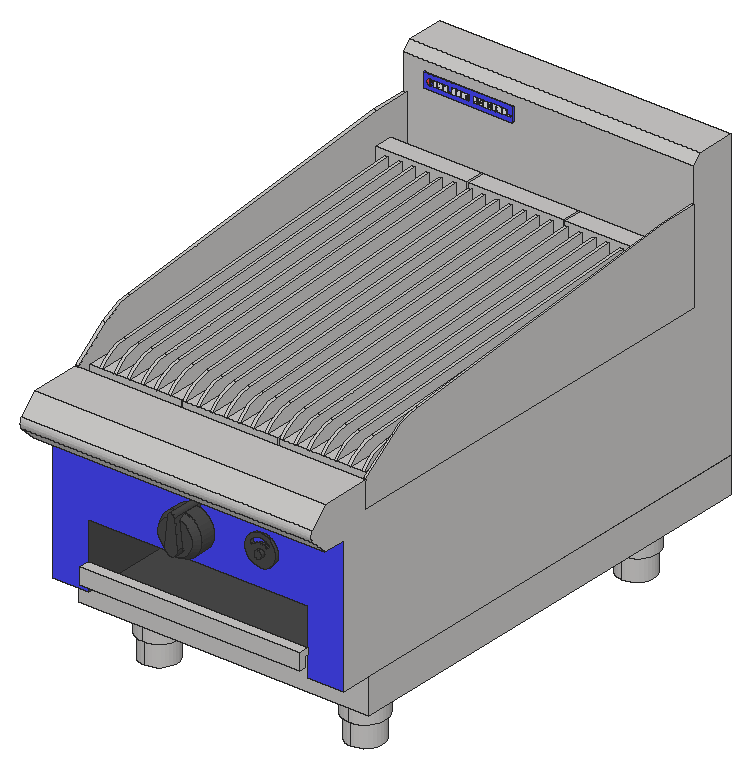
Revit family "QF_MOFFAT_BLUESEAL_AU_G593-B", category Specialty Equipment, Revit 2012
Parameters
  Weight in Pounds = 217  # constant formula
  URL Cutsheet = "www.moffat.com"
  URL = "www.moffat.com"
  Type Mark [instance] = ""
  Status [instance] = ""
  Specification by User [instance] = ""
  Specification by Manufacturer = ""
  Show Logo [instance] = yes
  Show Casters [instance] = yes
  Serial Number = ""
  Seismic Rating = ""
  SMACNA No = ""
  Revision Code [instance] = ""
  Omniclass Number and Title = ""
  NAFEM Spec ID Number = ""
  Model = "G593-B"
  Mechanical Remarks [instance] = ""
  Mechanical Connection Type [instance] = ""
  Masterspec = ""
  Manufacturer = "MOFFAT BLUESEAL"
  Legs [instance] = not(Show Casters)  # no
  Item Number [instance] = ""
  Installed By [instance] = ""
  Identify Quantity as Lot [instance] = yes
  Gas Size = 3/4"
  Gas RI Height [instance] = 0 mm
  Gas KW [instance] = 14
  Gas Input [instance] = 45495.0 Btu/h
  Gas Connection Height = 0 mm
  Furnished By [instance] = ""
  Foodservice Equipment Identifier [instance] = yes
  Description = "450MM GAS CHARGRILL BENCH MOUNT"
  CSI MasterFormat = ""
  CSI Master Format = ""
  Body Finish = QF_Finishes_Stainless Steel
Reference planes
  plane 1 "BACK": y = 0
  plane 2: z = 0
  plane 3 "LEFT": x = 0
  plane 4 "RIGHT": x = 450
  plane 5 "FRONT": y = -812
  plane 6 "TOP": z = 972
  plane 7 "Center Y": x = 225
  plane 8 "Center X": y = -406
  plane 9: y = -100
  plane 10: y = -625
  plane 11: z = 585
  plane 12: x = 65.5
  plane 13: x = 384.5
Forms (mm)
  Extrusion 1, solid, material "QF_Finishes_Stainless Steel" <- "Body Finish"
    sketch origin (0, 0, -500) x (0, 1, 0) y (0, 0, 1)
      loop
        line (0, 640) -> (0, 1085) -> (-57.5, 1085) -> (-70, 1072.5) -> (-70, 875) -> (-705, 875) -> (-705, 915) -> (-783.97, 915) -> (-808.485, 890.485)
        arc (-808.485, 890.485) -> (-811.999, 882) -> (-808.485, 873.515) r 12
        line (-808.485, 873.515) -> (-784.97, 850) -> (-749, 850) -> (-749, 640) -> (0, 640)
      loop
        line (0, 585) -> (0, 639.206) -> (-699, 639.206) -> (-699, 585) -> (0, 585)
    from 0 to 450
  Extrusion 2, solid, material "QF_Finishes_Stainless Steel" <- "Body Finish"
    sketch origin (0, 0, -342.612) x (0, 1, 0) y (0, 0, 1)
      loop
        line (-70, 717) -> (-70, 860.112) -> (-127.045, 860.112) -> (-604.53, 814.135)
        arc (-604.53, 814.135) -> (-629.557, 808.415) -> (-652.303, 796.511) r 100
        line (-652.303, 796.511) -> (-705, 759.612) -> (-705, 717) -> (-70, 717)
    from 0 to 4.5
  Extrusion 3, solid, material "QF_Finishes_Stainless Steel" <- "Body Finish"
    sketch origin (450, 0, 0) x (0, -1, 0) y (0, 0, 1)
      loop
        line (70, 374.388) -> (705, 374.388) -> (705, 417) -> (652.303, 453.899)
        arc (652.303, 453.899) -> (629.557, 465.803) -> (604.53, 471.523) r 100
        line (604.53, 471.523) -> (127.045, 517.5) -> (70, 517.5) -> (70, 374.388)
    from 0 to 3
  Extrusion 4, solid, material "QF_Finishes_Stainless Steel"
    sketch origin (276, 0, -342) x (0, 1, 0) y (0, 0, 1)
      loop
        line (-132, 752.364) -> (-132, 804.849) -> (-637.852, 774.53)
        arc (-637.852, 774.53) -> (-663.098, 767.97) -> (-684, 752.364) r 67.81
        line (-684, 752.364) -> (-132, 752.364)
    from 0 to 4.5
  Extrusion 5, solid, material "QF_Finishes_Stainless Steel"
    sketch origin (255, 0, -342) x (0, 1, 0) y (0, 0, 1)
      loop
        line (-132, 752.364) -> (-132, 804.849) -> (-637.852, 774.53)
        arc (-637.852, 774.53) -> (-663.098, 767.97) -> (-684, 752.364) r 67.81
        line (-684, 752.364) -> (-132, 752.364)
    from 0 to 4.5
  Extrusion 6, solid, material "QF_Finishes_Stainless Steel"
    sketch origin (234, 0, -342) x (0, 1, 0) y (0, 0, 1)
      loop
        line (-132, 752.364) -> (-132, 804.849) -> (-637.852, 774.53)
        arc (-637.852, 774.53) -> (-663.098, 767.97) -> (-684, 752.364) r 67.81
        line (-684, 752.364) -> (-132, 752.364)
    from 0 to 4.5
  Extrusion 7, solid, material "QF_Finishes_Stainless Steel"
    sketch origin (213, 0, -342) x (0, 1, 0) y (0, 0, 1)
      loop
        line (-132, 752.364) -> (-132, 804.849) -> (-637.852, 774.53)
        arc (-637.852, 774.53) -> (-663.098, 767.97) -> (-684, 752.364) r 67.81
        line (-684, 752.364) -> (-132, 752.364)
    from 0 to 4.5
  Extrusion 8, solid, material "QF_Finishes_Stainless Steel"
    sketch origin (192, 0, -342) x (0, 1, 0) y (0, 0, 1)
      loop
        line (-132, 752.364) -> (-132, 804.849) -> (-637.852, 774.53)
        arc (-637.852, 774.53) -> (-663.098, 767.97) -> (-684, 752.364) r 67.81
        line (-684, 752.364) -> (-132, 752.364)
    from 0 to 4.5
  Extrusion 9, solid, material "QF_Finishes_Stainless Steel"
    sketch origin (171, 0, -342) x (0, 1, 0) y (0, 0, 1)
      loop
        line (-132, 752.364) -> (-132, 804.849) -> (-637.852, 774.53)
        arc (-637.852, 774.53) -> (-663.098, 767.97) -> (-684, 752.364) r 67.81
        line (-684, 752.364) -> (-132, 752.364)
    from 0 to 4.5
  Extrusion 10, solid, material "QF_Finishes_Stainless Steel"
    sketch origin (150, 0, -342) x (0, 1, 0) y (0, 0, 1)
      loop
        line (-132, 752.364) -> (-132, 804.849) -> (-637.852, 774.53)
        arc (-637.852, 774.53) -> (-663.098, 767.97) -> (-684, 752.364) r 67.81
        line (-684, 752.364) -> (-132, 752.364)
    from 0 to 4.5
  Extrusion 11, solid, material "QF_Finishes_Stainless Steel"
    sketch origin (126, 0, -342) x (0, 1, 0) y (0, 0, 1)
      loop
        line (-132, 752.364) -> (-132, 804.849) -> (-637.852, 774.53)
        arc (-637.852, 774.53) -> (-663.098, 767.97) -> (-684, 752.364) r 67.81
        line (-684, 752.364) -> (-132, 752.364)
    from 0 to 4.5
  Extrusion 12, solid, material "QF_Finishes_Stainless Steel"
    sketch origin (105, 0, -342) x (0, 1, 0) y (0, 0, 1)
      loop
        line (-132, 752.364) -> (-132, 804.849) -> (-637.852, 774.53)
        arc (-637.852, 774.53) -> (-663.098, 767.97) -> (-684, 752.364) r 67.81
        line (-684, 752.364) -> (-132, 752.364)
    from 0 to 4.5
  Extrusion 13, solid, material "QF_Finishes_Stainless Steel"
    sketch origin (84, 0, -342) x (0, 1, 0) y (0, 0, 1)
      loop
        line (-132, 752.364) -> (-132, 804.849) -> (-637.852, 774.53)
        arc (-637.852, 774.53) -> (-663.098, 767.97) -> (-684, 752.364) r 67.81
        line (-684, 752.364) -> (-132, 752.364)
    from 0 to 4.5
  Extrusion 14, solid, material "QF_Finishes_Stainless Steel"
    sketch origin (63, 0, -342) x (0, 1, 0) y (0, 0, 1)
      loop
        line (-132, 752.364) -> (-132, 804.849) -> (-637.852, 774.53)
        arc (-637.852, 774.53) -> (-663.098, 767.97) -> (-684, 752.364) r 67.81
        line (-684, 752.364) -> (-132, 752.364)
    from 0 to 4.5
  Extrusion 15, solid, material "QF_Finishes_Stainless Steel"
    sketch origin (42, 0, -342) x (0, 1, 0) y (0, 0, 1)
      loop
        line (-132, 752.364) -> (-132, 804.849) -> (-637.852, 774.53)
        arc (-637.852, 774.53) -> (-663.098, 767.97) -> (-684, 752.364) r 67.81
        line (-684, 752.364) -> (-132, 752.364)
    from 0 to 4.5
  Extrusion 16, solid, material "QF_Finishes_Stainless Steel"
    sketch origin (21, 0, -342) x (0, 1, 0) y (0, 0, 1)
      loop
        line (-132, 752.364) -> (-132, 804.849) -> (-637.852, 774.53)
        arc (-637.852, 774.53) -> (-663.098, 767.97) -> (-684, 752.364) r 67.81
        line (-684, 752.364) -> (-132, 752.364)
    from 0 to 4.5
  Extrusion 17, solid, material "QF_Finishes_Stainless Steel"
    sketch origin (426, 0, -342) x (0, 1, 0) y (0, 0, 1)
      loop
        line (-132, 752.364) -> (-132, 804.849) -> (-637.852, 774.53)
        arc (-637.852, 774.53) -> (-663.098, 767.97) -> (-684, 752.364) r 67.81
        line (-684, 752.364) -> (-132, 752.364)
    from 0 to 4.5
  Extrusion 18, solid, material "QF_Finishes_Stainless Steel"
    sketch origin (405, 0, -342) x (0, 1, 0) y (0, 0, 1)
      loop
        line (-132, 752.364) -> (-132, 804.849) -> (-637.852, 774.53)
        arc (-637.852, 774.53) -> (-663.098, 767.97) -> (-684, 752.364) r 67.81
        line (-684, 752.364) -> (-132, 752.364)
    from 0 to 4.5
  Extrusion 19, solid, material "QF_Finishes_Stainless Steel"
    sketch origin (384, 0, -342) x (0, 1, 0) y (0, 0, 1)
      loop
        line (-132, 752.364) -> (-132, 804.849) -> (-637.852, 774.53)
        arc (-637.852, 774.53) -> (-663.098, 767.97) -> (-684, 752.364) r 67.81
        line (-684, 752.364) -> (-132, 752.364)
    from 0 to 4.5
  Extrusion 20, solid, material "QF_Finishes_Stainless Steel"
    sketch origin (363, 0, -342) x (0, 1, 0) y (0, 0, 1)
      loop
        line (-132, 752.364) -> (-132, 804.849) -> (-637.852, 774.53)
        arc (-637.852, 774.53) -> (-663.098, 767.97) -> (-684, 752.364) r 67.81
        line (-684, 752.364) -> (-132, 752.364)
    from 0 to 4.5
  Extrusion 21, solid, material "QF_Finishes_Stainless Steel"
    sketch origin (342, 0, -342) x (0, 1, 0) y (0, 0, 1)
      loop
        line (-132, 752.364) -> (-132, 804.849) -> (-637.852, 774.53)
        arc (-637.852, 774.53) -> (-663.098, 767.97) -> (-684, 752.364) r 67.81
        line (-684, 752.364) -> (-132, 752.364)
    from 0 to 4.5
  Extrusion 22, solid, material "QF_Finishes_Stainless Steel"
    sketch origin (321, 0, -342) x (0, 1, 0) y (0, 0, 1)
      loop
        line (-132, 752.364) -> (-132, 804.849) -> (-637.852, 774.53)
        arc (-637.852, 774.53) -> (-663.098, 767.97) -> (-684, 752.364) r 67.81
        line (-684, 752.364) -> (-132, 752.364)
    from 0 to 4.5
  Extrusion 23, solid, material "QF_Finishes_Stainless Steel"
    sketch origin (300, 0, -342) x (0, 1, 0) y (0, 0, 1)
      loop
        line (-132, 752.364) -> (-132, 804.849) -> (-637.852, 774.53)
        arc (-637.852, 774.53) -> (-663.098, 767.97) -> (-684, 752.364) r 67.81
        line (-684, 752.364) -> (-132, 752.364)
    from 0 to 4.5
  Extrusion 24, solid, material "QF_Finishes_Stainless Steel"
    sketch origin (0, 3, -500) x (1, 0, 0) y (0, 1, 0)
      loop
        circle (216, -35) r 13.5
    from 555 to 585
  Extrusion 25, solid, material "QF_Finishes_Stainless Steel"
    sketch origin (0, 0, -342) x (0, 1, 0) y (0, 0, 1)
      loop
        line (-132, 752.364) -> (-684, 752.364) -> (-684, 717) -> (-102, 717) -> (-102, 812) -> (-132, 812) -> (-132, 752.364)
    from 4.5 to 147
  Extrusion 26, solid, material "QF_Finishes_Stainless Steel"
    sketch origin (145.5, 0, -342) x (0, 1, 0) y (0, 0, 1)
      loop
        line (-132, 752.364) -> (-684, 752.364) -> (-684, 717) -> (-102, 717) -> (-102, 812) -> (-132, 812) -> (-132, 752.364)
    from 4.5 to 151.5
  Extrusion 27, solid, material "QF_Finishes_Stainless Steel"
    sketch origin (295.5, 0, -342) x (0, 1, 0) y (0, 0, 1)
      loop
        line (-132, 752.364) -> (-684, 752.364) -> (-684, 717) -> (-102, 717) -> (-102, 812) -> (-132, 812) -> (-132, 752.364)
    from 4.5 to 151.5
  Extrusion 28, solid, material "QF_Finishes_Black"
    sketch origin (0, -749, 350) x (0, 0, -1) y (1, 0, 0)
      loop
        circle (55.799, 325) r 23.9
      loop
        arc (44.5, 339.079) -> (37.915, 324.341) -> (45.718, 310.209) r 18.095
        arc (45.718, 310.209) -> (50.44, 311.491) -> (49.125, 316.204) r 3.448
        arc (49.125, 316.204) -> (45.557, 324.683) -> (48.44, 333.419) r 13.109
        arc (48.44, 333.419) -> (49.3, 338.219) -> (44.5, 339.079) r 3.448
    from 0 to 4
  Extrusion 29, solid, material "QF_Finishes_Black"
    sketch origin (0, -753, 350) x (0, 0, -1) y (1, 0, 0)
      loop
        circle (59.299, 325) r 5.75
    from 0 to 5
  Revolve 30, solid, material "QF_Finishes_Black"
    sketch origin (225, 7, -344.2) x (0, 1, 0) y (0, 0, 1)
      loop
        line (-789, 671.5) -> (-800, 665.651) -> (-800, 639) -> (-756, 639) -> (-756, 644) -> (-766, 644) -> (-766, 671.5) -> (-789, 671.5)
      axis (-800, 639) -> (-756, 639)
    angle from 0 to 360
  Extrusion 31, solid, material "QF_Finishes_Black"
    sketch origin (86.887, 7, -344.2) x (1, 0, 0) y (0, 0, 1)
      loop
        line (148.532, 628.195) -> (143.111, 671.113)
        arc (143.111, 671.113) -> (138.113, 676) -> (133.114, 671.113) r 5
        line (133.114, 671.113) -> (127.625, 627.028)
        arc (127.625, 627.028) -> (138.697, 616.529) -> (148.532, 628.195) r 10.487
    from 759 to 808
  Extrusion 32, void
    sketch origin (0, -749, 350) x (0, 0, 1) y (1, 0, 0)
      loop
        line (-210, 395) -> (-210, 55) -> (-110, 55) -> (-110, 395) -> (-210, 395)
    from 0 to 250
  Extrusion 33, solid, material "QF_Finishes_Stainless Steel"
    sketch origin (55, -749, 140) x (0, 0, 1) y (0, -1, 0)
      loop
        line (16.797, 15.924) -> (16.797, 5.924) -> (31.797, 5.924) -> (31.797, -31.346) -> (0, -31.346) -> (0, -50) -> (41.797, -50) -> (41.797, 15.924) -> (16.797, 15.924)
    from 0 to 340
  Revolve 34, solid, material "QF_Finishes_Stainless Steel" <- "Body Finish"
    sketch origin (65.5, -735, 0) x (0, 1, 0) y (0, 0, 1)
      loop
        line (78.25, 85) -> (78.25, 35) -> (82.5, 35) -> (82.5, 0) -> (110, 0) -> (110, 85) -> (78.25, 85)
      axis (110, 85) -> (110, 0)
    angle from 0 to 360
  Revolve 35, solid, material "QF_Finishes_Stainless Steel" <- "Body Finish"
    sketch origin (65.5, -210, 0) x (0, 1, 0) y (0, 0, 1)
      loop
        line (78.25, 85) -> (78.25, 35) -> (82.5, 35) -> (82.5, 0) -> (110, 0) -> (110, 85) -> (78.25, 85)
      axis (110, 85) -> (110, 0)
    angle from 0 to 360
  Revolve 36, solid, material "QF_Finishes_Stainless Steel" <- "Body Finish"
    sketch origin (384.5, -735, 0) x (0, 1, 0) y (0, 0, -1)
      loop
        line (78.25, -85) -> (110, -85) -> (110, 0) -> (82.5, 0) -> (82.5, -35) -> (78.25, -35) -> (78.25, -85)
      axis (110, -85) -> (110, 0)
    angle from 0 to 360
  Revolve 37, solid, material "QF_Finishes_Stainless Steel" <- "Body Finish"
    sketch origin (384.5, -210, 0) x (0, 1, 0) y (0, 0, -1)
      loop
        line (78.25, -85) -> (110, -85) -> (110, 0) -> (82.5, 0) -> (82.5, -35) -> (78.25, -35) -> (78.25, -85)
      axis (110, -85) -> (110, 0)
    angle from 0 to 360
Cuts and joins
  Extrusion 32 cuts Extrusion 33
  Extrusion 32 cuts Extrusion 1
Lines and regions (mm)
  Split face 1
    outline origin (450, 0, 585) x (-1, 0, 0) y (0, -1, 0)
      loop
        arc (174, 45.385) -> (165.34, 40.385) -> (165.34, 30.385) r 10
        line (165.34, 30.385) -> (169.381, 23.385)
        arc (169.381, 23.385) -> (173.041, 19.725) -> (178.041, 18.385) r 10
        line (178.041, 18.385) -> (406, 18.385)
        arc (406, 18.385) -> (414.66, 23.385) -> (414.66, 33.385) r 10
        line (414.66, 33.385) -> (410.619, 40.385)
        arc (410.619, 40.385) -> (406.959, 44.045) -> (401.959, 45.385) r 10
        line (401.959, 45.385) -> (174, 45.385)
  Split face 2
    outline origin (450, 0, 585) x (-1, 0, 0) y (0, -1, 0)
      loop
        arc (24, 45.385) -> (15.34, 40.385) -> (15.34, 30.385) r 10
        line (15.34, 30.385) -> (19.381, 23.385)
        arc (19.381, 23.385) -> (23.041, 19.725) -> (28.041, 18.385) r 10
        line (28.041, 18.385) -> (106, 18.385)
        arc (106, 18.385) -> (114.66, 23.385) -> (114.66, 33.385) r 10
        line (114.66, 33.385) -> (110.619, 40.385)
        arc (110.619, 40.385) -> (106.959, 44.045) -> (101.959, 45.385) r 10
        line (101.959, 45.385) -> (24, 45.385)
  symbolic lines
    curve 1: line (0, 0, 0) -> (450, 0, 0)
    curve 2: line (0, -812, 0) -> (0, 0, 0)
    curve 3: line (450, 0, 0) -> (450, -812, 0)
    curve 4: line (0, -57.5, 0) -> (450, -57.5, 0)
    curve 5: line (0, -70, 0) -> (450, -70, 0)
    curve 6: line (450, -705, 0) -> (0, -705, 0)
    curve 7: line (0, -783.97, 0) -> (450, -783.97, 0)
    curve 8: line (450, -812, 0) -> (0, -812, 0)
    curve 9: line (297, -102, 0) -> (150, -102, 0)
    curve 10: line (447, -102, 0) -> (297, -102, 0)
    curve 11: line (447, -70, 0) -> (447, -705, 0)
    curve 12: line (150, -102, 0) -> (4.5, -102, 0)
    curve 13: line (4.5, -705, 0) -> (4.5, -70, 0)
    curve 14: line (4.5, -132, 0) -> (147, -132, 0)
    curve 15: line (147, -132, 0) -> (297, -132, 0)
    curve 16: line (150, -102, 0) -> (150, -684, 0)
    curve 17: line (147, -684, 0) -> (147, -102, 0)
    curve 18: line (297, -684, 0) -> (297, -102, 0)
    curve 19: line (300, -102, 0) -> (300, -684, 0)
    curve 20: line (46.5, -684, 0) -> (46.5, -132, 0)
    curve 21: line (25.5, -684, 0) -> (25.5, -132, 0)
    curve 22: line (67.5, -684, 0) -> (67.5, -132, 0)
    curve 23: line (88.5, -684, 0) -> (88.5, -132, 0)
    curve 24: line (109.5, -684, 0) -> (109.5, -132, 0)
    curve 25: line (126, -132, 0) -> (126, -684, 0)
    curve 26: line (154.5, -684, 0) -> (154.5, -132, 0)
    curve 27: line (175.5, -684, 0) -> (175.5, -132, 0)
    curve 28: line (196.5, -684, 0) -> (196.5, -132, 0)
    curve 29: line (217.5, -684, 0) -> (217.5, -132, 0)
    curve 30: line (238.5, -684, 0) -> (238.5, -132, 0)
    curve 31: line (259.5, -684, 0) -> (259.5, -132, 0)
    curve 32: line (280.5, -684, 0) -> (280.5, -132, 0)
    curve 33: line (304.5, -684, 0) -> (304.5, -132, 0)
    curve 34: line (325.5, -684, 0) -> (325.5, -132, 0)
    curve 35: line (346.5, -684, 0) -> (346.5, -132, 0)
    curve 36: line (367.5, -684, 0) -> (367.5, -132, 0)
    curve 37: line (388.5, -684, 0) -> (388.5, -132, 0)
    curve 38: line (409.5, -684, 0) -> (409.5, -132, 0)
    curve 39: line (430.5, -684, 0) -> (430.5, -132, 0)
    curve 40: line (300, -684, 0) -> (447, -684, 0)
    curve 41: line (150, -684, 0) -> (297, -684, 0)
    curve 42: line (4.5, -684, 0) -> (147, -684, 0)
    curve 43: line (300, -132, 0) -> (447, -132, 0)
    curve 44: line (421.959, -18.385, 0) -> (344, -18.385, 0)
    curve 45: arc (344, -18.385, 0) -> (335.34, -23.385, 0) -> (335.34, -33.385, 0) r 10
    curve 46: line (335.34, -33.385, 0) -> (339.381, -40.385, 0)
    curve 47: arc (339.381, -40.385, 0) -> (343.041, -44.045, 0) -> (348.041, -45.385, 0) r 10
    curve 48: line (348.041, -45.385, 0) -> (426, -45.385, 0)
    curve 49: arc (426, -45.385, 0) -> (434.66, -40.385, 0) -> (434.66, -30.385, 0) r 10
    curve 50: line (434.66, -30.385, 0) -> (430.619, -23.385, 0)
    curve 51: arc (430.619, -23.385, 0) -> (426.959, -19.725, 0) -> (421.959, -18.385, 0) r 10
    curve 52: line (271.959, -18.385, 0) -> (44, -18.385, 0)
    curve 53: arc (44, -18.385, 0) -> (35.34, -23.385, 0) -> (35.34, -33.385, 0) r 10
    curve 54: line (35.34, -33.385, 0) -> (39.381, -40.385, 0)
    curve 55: arc (39.381, -40.385, 0) -> (43.041, -44.045, 0) -> (48.041, -45.385, 0) r 10
    curve 56: line (48.041, -45.385, 0) -> (276, -45.385, 0)
    curve 57: arc (276, -45.385, 0) -> (284.66, -40.385, 0) -> (284.66, -30.385, 0) r 10
    curve 58: line (284.66, -30.385, 0) -> (280.619, -23.385, 0)
    curve 59: arc (280.619, -23.385, 0) -> (276.959, -19.725, 0) -> (271.959, -18.385, 0) r 10
Dimensions and locks
  equal spacing: plane 3 "LEFT", plane 7 "Center Y", plane 4 "RIGHT"
  plane 3 "LEFT" to plane 4 "RIGHT" = 450 mm
  equal spacing: plane 5 "FRONT", plane 8 "Center X", plane 1 "BACK"
  plane 5 "FRONT" to plane 1 "BACK" = 812 mm  (x2)
  equal spacing: plane 4 "RIGHT", plane 7 "Center Y", plane 3 "LEFT"
  plane 4 "RIGHT" to plane 3 "LEFT" = 450 mm
  locked: plane 11 to level at 585
  Extrusion 24 sketch curve to plane 1 "BACK" = 32 mm
  plane 12 to plane 13 = 319 mm
  level to Extrusion 24 = 55 mm
  level to cut or joined group of Extrusion 1, Extrusion 32 = 85 mm
  plane 1 "BACK" to plane 9 = 100 mm
  plane 9 to plane 10 = 525 mm
  aligned and locked: level to plane 2
Automatic sketch dimensions
  Extrusion 1 sketch curve to plane 11 = 0 mm
  Extrusion 1 sketch curve to plane 1 "BACK" = 0 mm  (x2)
  Extrusion 1 sketch curve to plane 9 = 42.5 mm
  Extrusion 1 sketch curve to plane 9 = 30 mm
  plane 10 to Extrusion 1 sketch curve = 74 mm
  plane 10 to Extrusion 1 sketch curve = 80 mm
  Extrusion 1 sketch curve to Extrusion 1 sketch curve = 50 mm
  Extrusion 1 sketch curve to plane 5 "FRONT" = 28.03 mm
  Extrusion 1 sketch curve to plane 5 "FRONT" = 27.03 mm
  Extrusion 1 sketch curve to plane 5 "FRONT" = 12.001 mm
  Extrusion 1 sketch curve to plane 5 "FRONT" = 3.515 mm  (x2)
  Extrusion 1 sketch curve to plane 11 = 12.5 mm
  Extrusion 1 sketch curve to plane 11 = 170 mm
  Extrusion 1 sketch curve to Extrusion 1 sketch curve = 24.515 mm
  Extrusion 1 sketch curve to Extrusion 1 sketch curve = 8.485 mm
  Extrusion 1 sketch curve to Extrusion 1 sketch curve = 40 mm
  Extrusion 1 sketch curve to Extrusion 1 sketch curve = 25 mm
  level to Extrusion 1 sketch curve = 140 mm
  Extrusion 1 sketch curve to Extrusion 1 sketch curve = 0.794 mm
  Extrusion 1 sketch curve to Extrusion 1 sketch curve = 54.206 mm
  plane 10 to Extrusion 2 sketch curve = 80 mm
  plane 10 to Extrusion 2 sketch curve = 27.303 mm
  Extrusion 2 sketch curve to plane 10 = 20.47 mm
  Extrusion 2 sketch curve to plane 10 = 30.055 mm
  plane 9 to Extrusion 2 sketch curve = 27.045 mm
  Extrusion 2 sketch curve to plane 9 = 30 mm
  Extrusion 2 sketch curve to plane 11 = 213.016 mm
  Extrusion 2 sketch curve to Extrusion 2 sketch curve = 2.405 mm
  Extrusion 2 sketch curve to Extrusion 2 sketch curve = 42.612 mm
  Extrusion 2 sketch curve to Extrusion 2 sketch curve = 36.899 mm
  Extrusion 2 sketch curve to plane 11 = 67.5 mm
  Extrusion 3 sketch curve to plane 9 = 30 mm
  plane 9 to Extrusion 3 sketch curve = 27.045 mm
  Extrusion 3 sketch curve to plane 10 = 30.055 mm
  Extrusion 3 sketch curve to plane 10 = 20.47 mm
  plane 10 to Extrusion 3 sketch curve = 27.303 mm
  plane 10 to Extrusion 3 sketch curve = 80 mm
  Extrusion 3 sketch curve to plane 11 = 213.016 mm
  Extrusion 3 sketch curve to Extrusion 3 sketch curve = 2.405 mm
  Extrusion 3 sketch curve to Extrusion 3 sketch curve = 42.612 mm
  Extrusion 3 sketch curve to Extrusion 3 sketch curve = 36.899 mm
  Extrusion 3 sketch curve to plane 11 = 67.5 mm
  plane 10 to Extrusion 4 sketch curve = 59 mm
  plane 10 to Extrusion 4 sketch curve = 12.852 mm
  plane 10 to Extrusion 4 sketch curve = 8.738 mm
  plane 9 to Extrusion 4 sketch curve = 32 mm
  Extrusion 4 sketch curve to plane 11 = 220.155 mm
  Extrusion 4 sketch curve to plane 11 = 174.636 mm
  Extrusion 4 sketch curve to Extrusion 4 sketch curve = 52.486 mm
  plane 10 to Extrusion 5 sketch curve = 59 mm
  plane 10 to Extrusion 5 sketch curve = 12.852 mm
  plane 10 to Extrusion 5 sketch curve = 8.738 mm
  plane 9 to Extrusion 5 sketch curve = 32 mm
  Extrusion 5 sketch curve to plane 11 = 220.155 mm
  Extrusion 5 sketch curve to plane 11 = 174.636 mm
  Extrusion 5 sketch curve to Extrusion 5 sketch curve = 52.486 mm
  plane 10 to Extrusion 6 sketch curve = 59 mm
  plane 10 to Extrusion 6 sketch curve = 12.852 mm
  plane 10 to Extrusion 6 sketch curve = 8.738 mm
  plane 9 to Extrusion 6 sketch curve = 32 mm
  Extrusion 6 sketch curve to plane 11 = 220.155 mm
  Extrusion 6 sketch curve to plane 11 = 174.636 mm
  Extrusion 6 sketch curve to Extrusion 6 sketch curve = 52.486 mm
  plane 10 to Extrusion 7 sketch curve = 59 mm
  plane 10 to Extrusion 7 sketch curve = 12.852 mm
  plane 10 to Extrusion 7 sketch curve = 8.738 mm
  plane 9 to Extrusion 7 sketch curve = 32 mm
  Extrusion 7 sketch curve to plane 11 = 220.155 mm
  Extrusion 7 sketch curve to plane 11 = 174.636 mm
  Extrusion 7 sketch curve to Extrusion 7 sketch curve = 52.486 mm
  plane 10 to Extrusion 8 sketch curve = 59 mm
  plane 10 to Extrusion 8 sketch curve = 12.852 mm
  plane 10 to Extrusion 8 sketch curve = 8.738 mm
  plane 9 to Extrusion 8 sketch curve = 32 mm
  Extrusion 8 sketch curve to plane 11 = 220.155 mm
  Extrusion 8 sketch curve to plane 11 = 174.636 mm
  Extrusion 8 sketch curve to Extrusion 8 sketch curve = 52.486 mm
  plane 10 to Extrusion 9 sketch curve = 59 mm
  plane 10 to Extrusion 9 sketch curve = 12.852 mm
  plane 10 to Extrusion 9 sketch curve = 8.738 mm
  plane 9 to Extrusion 9 sketch curve = 32 mm
  Extrusion 9 sketch curve to plane 11 = 220.155 mm
  Extrusion 9 sketch curve to plane 11 = 174.636 mm
  Extrusion 9 sketch curve to Extrusion 9 sketch curve = 52.486 mm
  plane 10 to Extrusion 10 sketch curve = 59 mm
  plane 10 to Extrusion 10 sketch curve = 12.852 mm
  plane 10 to Extrusion 10 sketch curve = 8.738 mm
  plane 9 to Extrusion 10 sketch curve = 32 mm
  Extrusion 10 sketch curve to plane 11 = 220.155 mm
  Extrusion 10 sketch curve to plane 11 = 174.636 mm
  Extrusion 10 sketch curve to Extrusion 10 sketch curve = 52.486 mm
  plane 10 to Extrusion 11 sketch curve = 59 mm
  plane 10 to Extrusion 11 sketch curve = 12.852 mm
  plane 10 to Extrusion 11 sketch curve = 8.738 mm
  plane 9 to Extrusion 11 sketch curve = 32 mm
  Extrusion 11 sketch curve to plane 11 = 220.155 mm
  Extrusion 11 sketch curve to plane 11 = 174.636 mm
  Extrusion 11 sketch curve to Extrusion 11 sketch curve = 52.486 mm
  plane 10 to Extrusion 12 sketch curve = 59 mm
  plane 10 to Extrusion 12 sketch curve = 12.852 mm
  plane 10 to Extrusion 12 sketch curve = 8.738 mm
  plane 9 to Extrusion 12 sketch curve = 32 mm
  Extrusion 12 sketch curve to plane 11 = 220.155 mm
  Extrusion 12 sketch curve to plane 11 = 174.636 mm
  Extrusion 12 sketch curve to Extrusion 12 sketch curve = 52.486 mm
  plane 10 to Extrusion 13 sketch curve = 59 mm
  plane 10 to Extrusion 13 sketch curve = 12.852 mm
  plane 10 to Extrusion 13 sketch curve = 8.738 mm
  plane 9 to Extrusion 13 sketch curve = 32 mm
  Extrusion 13 sketch curve to plane 11 = 220.155 mm
  Extrusion 13 sketch curve to plane 11 = 174.636 mm
  Extrusion 13 sketch curve to Extrusion 13 sketch curve = 52.486 mm
  plane 10 to Extrusion 14 sketch curve = 59 mm
  plane 10 to Extrusion 14 sketch curve = 12.852 mm
  plane 10 to Extrusion 14 sketch curve = 8.738 mm
  plane 9 to Extrusion 14 sketch curve = 32 mm
  Extrusion 14 sketch curve to plane 11 = 220.155 mm
  Extrusion 14 sketch curve to plane 11 = 174.636 mm
  Extrusion 14 sketch curve to Extrusion 14 sketch curve = 52.486 mm
  plane 10 to Extrusion 15 sketch curve = 59 mm
  plane 10 to Extrusion 15 sketch curve = 12.852 mm
  plane 10 to Extrusion 15 sketch curve = 8.738 mm
  plane 9 to Extrusion 15 sketch curve = 32 mm
  Extrusion 15 sketch curve to plane 11 = 220.155 mm
  Extrusion 15 sketch curve to plane 11 = 174.636 mm
  Extrusion 15 sketch curve to Extrusion 15 sketch curve = 52.486 mm
  plane 10 to Extrusion 16 sketch curve = 59 mm
  plane 10 to Extrusion 16 sketch curve = 12.852 mm
  plane 10 to Extrusion 16 sketch curve = 8.738 mm
  plane 9 to Extrusion 16 sketch curve = 32 mm
  Extrusion 16 sketch curve to plane 11 = 220.155 mm
  Extrusion 16 sketch curve to plane 11 = 174.636 mm
  Extrusion 16 sketch curve to Extrusion 16 sketch curve = 52.486 mm
  plane 10 to Extrusion 17 sketch curve = 59 mm
  plane 10 to Extrusion 17 sketch curve = 12.852 mm
  plane 10 to Extrusion 17 sketch curve = 8.738 mm
  plane 9 to Extrusion 17 sketch curve = 32 mm
  Extrusion 17 sketch curve to plane 11 = 220.155 mm
  Extrusion 17 sketch curve to plane 11 = 174.636 mm
  Extrusion 17 sketch curve to Extrusion 17 sketch curve = 52.486 mm
  plane 10 to Extrusion 18 sketch curve = 59 mm
  plane 10 to Extrusion 18 sketch curve = 12.852 mm
  plane 10 to Extrusion 18 sketch curve = 8.738 mm
  plane 9 to Extrusion 18 sketch curve = 32 mm
  Extrusion 18 sketch curve to plane 11 = 220.155 mm
  Extrusion 18 sketch curve to plane 11 = 174.636 mm
  Extrusion 18 sketch curve to Extrusion 18 sketch curve = 52.486 mm
  plane 10 to Extrusion 19 sketch curve = 59 mm
  plane 10 to Extrusion 19 sketch curve = 12.852 mm
  plane 10 to Extrusion 19 sketch curve = 8.738 mm
  plane 9 to Extrusion 19 sketch curve = 32 mm
  Extrusion 19 sketch curve to plane 11 = 220.155 mm
  Extrusion 19 sketch curve to plane 11 = 174.636 mm
  Extrusion 19 sketch curve to Extrusion 19 sketch curve = 52.486 mm
  plane 10 to Extrusion 20 sketch curve = 59 mm
  plane 10 to Extrusion 20 sketch curve = 12.852 mm
  plane 10 to Extrusion 20 sketch curve = 8.738 mm
  plane 9 to Extrusion 20 sketch curve = 32 mm
  Extrusion 20 sketch curve to plane 11 = 220.155 mm
  Extrusion 20 sketch curve to plane 11 = 174.636 mm
  Extrusion 20 sketch curve to Extrusion 20 sketch curve = 52.486 mm
  plane 10 to Extrusion 21 sketch curve = 59 mm
  plane 10 to Extrusion 21 sketch curve = 12.852 mm
  plane 10 to Extrusion 21 sketch curve = 8.738 mm
  plane 9 to Extrusion 21 sketch curve = 32 mm
  Extrusion 21 sketch curve to plane 11 = 220.155 mm
  Extrusion 21 sketch curve to plane 11 = 174.636 mm
  Extrusion 21 sketch curve to Extrusion 21 sketch curve = 52.486 mm
  plane 10 to Extrusion 22 sketch curve = 59 mm
  plane 10 to Extrusion 22 sketch curve = 12.852 mm
  plane 10 to Extrusion 22 sketch curve = 8.738 mm
  plane 9 to Extrusion 22 sketch curve = 32 mm
  Extrusion 22 sketch curve to plane 11 = 220.155 mm
  Extrusion 22 sketch curve to plane 11 = 174.636 mm
  Extrusion 22 sketch curve to Extrusion 22 sketch curve = 52.486 mm
  plane 10 to Extrusion 23 sketch curve = 59 mm
  plane 10 to Extrusion 23 sketch curve = 12.852 mm
  plane 10 to Extrusion 23 sketch curve = 8.738 mm
  plane 9 to Extrusion 23 sketch curve = 32 mm
  Extrusion 23 sketch curve to plane 11 = 220.155 mm
  Extrusion 23 sketch curve to plane 11 = 174.636 mm
  Extrusion 23 sketch curve to Extrusion 23 sketch curve = 52.486 mm
  Extrusion 24 sketch curve to plane 7 "Center Y" = 9 mm
  plane 10 to Extrusion 25 sketch curve = 59 mm
  plane 9 to Extrusion 25 sketch curve = 32 mm
  plane 9 to Extrusion 25 sketch curve = 2 mm
  Extrusion 25 sketch curve to plane 11 = 210 mm
  Extrusion 25 sketch curve to Extrusion 25 sketch curve = 35.364 mm
  Extrusion 25 sketch curve to Extrusion 25 sketch curve = 59.636 mm
  plane 10 to Extrusion 26 sketch curve = 59 mm
  plane 9 to Extrusion 26 sketch curve = 32 mm
  plane 9 to Extrusion 26 sketch curve = 2 mm
  Extrusion 26 sketch curve to plane 11 = 210 mm
  Extrusion 26 sketch curve to Extrusion 26 sketch curve = 35.364 mm
  Extrusion 26 sketch curve to Extrusion 26 sketch curve = 59.636 mm
  plane 10 to Extrusion 27 sketch curve = 59 mm
  plane 9 to Extrusion 27 sketch curve = 32 mm
  plane 9 to Extrusion 27 sketch curve = 2 mm
  Extrusion 27 sketch curve to plane 11 = 210 mm
  Extrusion 27 sketch curve to Extrusion 27 sketch curve = 35.364 mm
  Extrusion 27 sketch curve to Extrusion 27 sketch curve = 59.636 mm
  Extrusion 1 to Extrusion 28 sketch curve = 44.5 mm
  Extrusion 28 sketch curve to Extrusion 28 sketch curve = 1.218 mm
  Extrusion 28 sketch curve to Extrusion 28 sketch curve = 1.97 mm  (x2)
  Extrusion 28 sketch curve to Extrusion 28 sketch curve = 1.724 mm
  Extrusion 28 sketch curve to Extrusion 28 sketch curve = 1.683 mm
  Extrusion 28 sketch curve to Extrusion 28 sketch curve = 6.674 mm
  Extrusion 28 sketch curve to Extrusion 28 sketch curve = 0.195 mm
  Extrusion 28 sketch curve to Extrusion 28 sketch curve = 2.662 mm
  Extrusion 1 to Extrusion 28 sketch curve = 139.791 mm
  Extrusion 28 sketch curve to Extrusion 28 sketch curve = 2.986 mm
  Extrusion 28 sketch curve to Extrusion 28 sketch curve = 8.796 mm
  Extrusion 28 sketch curve to Extrusion 28 sketch curve = 0.103 mm
  Extrusion 28 sketch curve to Extrusion 28 sketch curve = 0.102 mm
  Revolve 30 sketch curve to plane 5 "FRONT" = 19 mm
  Revolve 30 sketch curve to Revolve 30 sketch curve = 0 mm  (x2)
  Revolve 30 sketch curve to Revolve 30 sketch curve = 11 mm
  Revolve 30 sketch curve to Revolve 30 sketch curve = 12.7 mm
  Revolve 30 sketch curve to Revolve 30 sketch curve = 23 mm
  Revolve 30 sketch curve to Revolve 30 sketch curve = 10 mm
  Revolve 30 sketch curve to plane 11 = 290.2 mm
  Revolve 30 sketch curve to Revolve 30 sketch curve = 5 mm
  Revolve 30 sketch curve to Revolve 30 sketch curve = 26.651 mm
  Revolve 30 sketch curve to Revolve 30 sketch curve = 5.849 mm
  plane 13 to Extrusion 31 sketch curve = 169.987 mm
  plane 13 to Extrusion 31 sketch curve = 164.499 mm
  Extrusion 31 sketch curve to Extrusion 31 sketch curve = 4.999 mm  (x2)
  Extrusion 31 sketch curve to Extrusion 31 sketch curve = 10.487 mm
  Extrusion 31 sketch curve to Extrusion 31 sketch curve = 10.419 mm
  level to Extrusion 31 sketch curve = 282.8 mm
  Extrusion 31 sketch curve to Extrusion 31 sketch curve = 0.028 mm
  Extrusion 31 sketch curve to Extrusion 31 sketch curve = 44 mm
  Extrusion 31 sketch curve to Extrusion 31 sketch curve = 0.113 mm
  Extrusion 32 sketch curve to Extrusion 1 = 0 mm
  Extrusion 32 sketch curve to Extrusion 1 = 100 mm
  Extrusion 32 sketch curve to Extrusion 1 = 55 mm  (x2)
  Extrusion 32 to Extrusion 33 sketch curve = 0 mm
  Extrusion 33 sketch curve to Extrusion 32 = 5.924 mm
  Extrusion 33 sketch curve to Extrusion 32 = 16.797 mm
  Extrusion 33 sketch curve to Extrusion 33 sketch curve = 15 mm
  Extrusion 33 sketch curve to Extrusion 33 sketch curve = 10 mm  (x2)
  Extrusion 32 to Extrusion 33 sketch curve = 31.346 mm
  Extrusion 33 sketch curve to Extrusion 33 sketch curve = 18.654 mm
  Revolve 34 sketch curve to level = 0 mm
  Revolve 34 sketch curve to plane 10 = 0 mm  (x2)
  plane 10 to Revolve 34 sketch curve = 27.5 mm
  plane 10 to Revolve 34 sketch curve = 31.75 mm
  Revolve 34 sketch curve to Revolve 34 sketch curve = 55 mm
  level to Revolve 34 sketch curve = 35 mm
  Revolve 34 sketch curve to Revolve 34 sketch curve = 15 mm
  Revolve 34 sketch curve to Revolve 34 sketch curve = 35 mm
  Revolve 35 sketch curve to level = 0 mm
  Revolve 35 sketch curve to plane 9 = 0 mm  (x2)
  Revolve 35 sketch curve to Revolve 35 sketch curve = 27.5 mm
  Revolve 35 sketch curve to Revolve 35 sketch curve = 31.75 mm
  Revolve 35 sketch curve to Revolve 35 sketch curve = 55 mm
  level to Revolve 35 sketch curve = 35 mm
  Revolve 35 sketch curve to Revolve 35 sketch curve = 15 mm
  Revolve 35 sketch curve to Revolve 35 sketch curve = 35 mm
  Revolve 36 sketch curve to level = 0 mm
  Revolve 36 sketch curve to plane 10 = 0 mm  (x2)
  plane 10 to Revolve 36 sketch curve = 27.5 mm
  plane 10 to Revolve 36 sketch curve = 31.75 mm
  Revolve 36 sketch curve to Revolve 36 sketch curve = 35 mm  (x2)
  Revolve 36 sketch curve to Revolve 36 sketch curve = 15 mm
  Revolve 36 sketch curve to level = 55 mm
  Revolve 37 sketch curve to level = 0 mm
  Revolve 37 sketch curve to plane 9 = 0 mm  (x2)
  Revolve 37 sketch curve to Revolve 37 sketch curve = 27.5 mm
  Revolve 37 sketch curve to Revolve 37 sketch curve = 31.75 mm
  Revolve 37 sketch curve to Revolve 37 sketch curve = 35 mm  (x2)
  Revolve 37 sketch curve to Revolve 37 sketch curve = 15 mm
  Revolve 37 sketch curve to level = 55 mm
  plane 1 "BACK" to curve 2 = 0 mm
  curve 4 to plane 9 = 42.5 mm
  curve 5 to curve 4 = 12.5 mm
  curve 2 to curve 7 = 28.03 mm
  curve 1 to plane 3 "LEFT" = 0 mm
  curve 3 to plane 4 "RIGHT" = 0 mm
  curve 2 to plane 5 "FRONT" = 0 mm
  plane 9 to curve 9 = 2 mm
  curve 9 to plane 7 "Center Y" = 75 mm
  plane 7 "Center Y" to curve 9 = 72 mm
  plane 4 "RIGHT" to curve 10 = 3 mm
  curve 11 to curve 6 = 0 mm
  curve 11 to curve 5 = 0 mm
  plane 3 "LEFT" to curve 12 = 4.5 mm
  curve 14 to curve 9 = 3 mm
  curve 14 to curve 9 = 30 mm
  curve 17 to curve 9 = 3 mm
  curve 17 to curve 16 = 0 mm
  plane 10 to curve 18 = 59 mm
  curve 9 to curve 19 = 3 mm
  curve 18 to curve 19 = 0 mm
  curve 20 to plane 12 = 19 mm
  curve 13 to curve 20 = 21 mm
  curve 21 to curve 20 = 21 mm
  plane 12 to curve 22 = 2 mm
  curve 22 to curve 23 = 21 mm
  curve 23 to curve 24 = 21 mm
  curve 24 to curve 25 = 16.5 mm
  curve 14 to curve 26 = 7.5 mm
  curve 26 to curve 27 = 21 mm
  curve 27 to curve 28 = 21 mm
  curve 29 to plane 7 "Center Y" = 7.5 mm
  plane 7 "Center Y" to curve 30 = 13.5 mm
  curve 30 to curve 31 = 21 mm
  curve 32 to curve 18 = 16.5 mm
  curve 15 to curve 33 = 7.5 mm
  curve 33 to curve 34 = 21 mm
  curve 34 to curve 35 = 21 mm
  plane 13 to curve 36 = 17 mm
  curve 37 to plane 13 = 4 mm
  curve 37 to curve 38 = 21 mm
  plane 4 "RIGHT" to curve 39 = 19.5 mm
  curve 15 to curve 34 = 0 mm
  Split face 1 sketch curve to cut or joined group of Extrusion 1, Extrusion 32 = 27.115 mm
  Split face 1 sketch curve to cut or joined group of Extrusion 1, Extrusion 32 = 165.34 mm
  Split face 1 sketch curve to cut or joined group of Extrusion 1, Extrusion 32 = 23.385 mm
  Split face 1 sketch curve to Split face 1 sketch curve = 4.041 mm  (x4)
  Split face 1 sketch curve to Split face 1 sketch curve = 8.66 mm  (x2)
  Split face 1 sketch curve to cut or joined group of Extrusion 1, Extrusion 32 = 22.115 mm
  Split face 1 sketch curve to cut or joined group of Extrusion 1, Extrusion 32 = 48.041 mm
  Split face 1 sketch curve to cut or joined group of Extrusion 1, Extrusion 32 = 17.115 mm
  Split face 1 sketch curve to Split face 1 sketch curve = 17 mm
  Split face 1 sketch curve to Split face 1 sketch curve = 7 mm
  Split face 2 sketch curve to cut or joined group of Extrusion 1, Extrusion 32 = 15.34 mm
  Split face 2 sketch curve to Split face 2 sketch curve = 4.041 mm  (x4)
  Split face 2 sketch curve to Split face 2 sketch curve = 8.66 mm  (x2)
  Split face 2 sketch curve to cut or joined group of Extrusion 1, Extrusion 32 = 22.115 mm
  Split face 2 sketch curve to Split face 2 sketch curve = 73.917 mm
  Split face 2 sketch curve to cut or joined group of Extrusion 1, Extrusion 32 = 17.115 mm
  Split face 2 sketch curve to Split face 2 sketch curve = 10 mm
  Split face 2 sketch curve to Split face 2 sketch curve = 7 mm  (x3)
  plane 13 to curve 46 = 49.16 mm
  curve 46 to curve 46 = 4.041 mm
  curve 45 to curve 44 = 8.66 mm
  curve 47 to curve 48 = 8.66 mm
  plane 1 "BACK" to curve 51 = 18.385 mm
  plane 4 "RIGHT" to curve 51 = 28.041 mm
  curve 51 to curve 49 = 4.041 mm
  curve 51 to curve 50 = 8.66 mm
  curve 50 to curve 49 = 4.041 mm
  curve 47 to curve 44 = 27 mm
  curve 48 to curve 47 = 5 mm
  curve 48 to curve 49 = 10 mm
  curve 46 to curve 45 = 7 mm
  curve 49 to curve 51 = 7 mm
  curve 54 to plane 12 = 30.16 mm
  curve 54 to curve 54 = 4.041 mm
  curve 53 to curve 53 = 8.66 mm
  curve 55 to curve 55 = 8.66 mm
  plane 1 "BACK" to curve 59 = 18.385 mm
  plane 7 "Center Y" to curve 59 = 46.959 mm
  curve 59 to curve 56 = 4.041 mm
  curve 59 to curve 59 = 8.66 mm
  curve 59 to curve 57 = 4.041 mm
  curve 56 to curve 52 = 27 mm
  curve 56 to curve 54 = 5 mm
  curve 56 to curve 57 = 10 mm
  curve 54 to curve 53 = 7 mm
  curve 57 to curve 59 = 7 mm
  radius of Extrusion 24 sketch curve = 13.5 mm
  radius of Extrusion 28 sketch curve = 23.9 mm
  radius of Extrusion 29 sketch curve = 5.75 mm
Nested families
  nested 1: "WALDORF LOGO_FACE BASE" at (32.004, -70, 556.885) x (1, 0, 0) z (0, -1, 0), visible <- "Show Logo", type "WALDORF LOGO_FACE BASE", detail levels medium+fine
    with Show Logo yes
Connectors
  piping at (216, -32, 55)
    settings: on Extrusion 24, index 2, connector radius 0.37402", flow factor 0, pipe flow 0 GPM, pressure drop 0.00 psi, fitting loss kfactor 0, connector angle 0.00°, fixture units 0, engagement length 0 mm, flow configuration 1, flow direction 1, fitting loss method 0, system type 7, joint type 0, gender type 0, connector reference index -1, connector utility 0, adjustable connector no, is connector primary yes, fitting loss table "", connector description ""
Definition of nested family "WALDORF LOGO_FACE BASE"
  Parameters (values of type "WALDORF LOGO_FACE BASE")
    Show Logo [instance] = yes
    Default Elevation = 1219.2 mm
  Reference planes
    plane 1 "Center (Front/Back)": y = 0
    plane 2: z = 0
    plane 3 "Center (Left/Right)": x = 0
  Forms (mm)
    Extrusion 1, solid
      sketch origin (0, 0, 0) x (1, 0, 0) y (0, 1, 0)
        loop
          line (-1219.2, 1219.2) -> (-1219.2, -1219.2) -> (1219.2, -1219.2) -> (1219.2, 1219.2) -> (-1219.2, 1219.2)
      from 0 to -304.8
    Extrusion 2, solid, material "QF_Finishes_Blue", visible <- "Show Logo"
      sketch origin (0, -33.217, 0) x (1, 0, 0) y (0, 1, 0)
        loop
          arc (138, 31.942) -> (137.626, 32.844) -> (136.724, 33.217) r 1.276
          line (136.724, 33.217) -> (1.29, 33.217)
          arc (1.29, 33.217) -> (0.378, 32.839) -> (0, 31.927) r 1.29
          line (0, 31.927) -> (0, 11.507)
          arc (0, 11.507) -> (0.378, 10.595) -> (1.29, 10.217) r 1.29
          line (1.29, 10.217) -> (136.71, 10.217)
          arc (136.71, 10.217) -> (137.622, 10.595) -> (138, 11.507) r 1.29
          line (138, 11.507) -> (138, 31.942)
      from 0 to 1.588
    Extrusion 3, solid, material "QF_Finishes_White", visible <- "Show Logo"
      sketch origin (0, -33.217, 1.588) x (1, 0, 0) y (0, 1, 0)
        loop
          arc (108.946, 25.919) -> (107.613, 25.367) -> (107.061, 24.034) r 1.885
          line (107.061, 24.034) -> (107.061, 17.211) -> (112.704, 17.211) -> (112.704, 19.129) -> (115.546, 19.129) -> (115.546, 17.211) -> (121.584, 17.211) -> (121.584, 24.075)
          arc (121.584, 24.075) -> (121.043, 25.379) -> (119.739, 25.919) r 1.845
          line (119.739, 25.919) -> (108.946, 25.919)
        loop
          line (123.478, 25.919) -> (123.478, 17.163) -> (134.904, 17.163) -> (134.904, 19.129) -> (129.246, 19.129) -> (129.246, 25.919) -> (123.478, 25.919)
        loop
          line (112.704, 21.258) -> (115.546, 21.258) -> (115.546, 22.702)
          arc (115.546, 22.702) -> (115.344, 23.188) -> (114.858, 23.389) r 0.687
          line (114.858, 23.389) -> (113.363, 23.389)
          arc (113.363, 23.389) -> (112.897, 23.196) -> (112.704, 22.73) r 0.658
          line (112.704, 22.73) -> (112.704, 21.258)
        loop
          line (105.071, 25.919) -> (93.771, 25.919) -> (93.771, 17.163) -> (105.071, 17.163) -> (105.071, 19.063) -> (99.535, 19.063) -> (99.535, 20.437) -> (105.071, 20.437) -> (105.071, 22.278) -> (99.535, 22.278) -> (99.535, 23.587) -> (105.071, 23.587) -> (105.071, 25.919)
        loop
          line (91.104, 25.919) -> (79.541, 25.919)
          arc (79.541, 25.919) -> (78.558, 25.513) -> (78.152, 24.53) r 1.389
          line (78.152, 24.53) -> (78.152, 22.08)
          arc (78.152, 22.08) -> (78.558, 21.098) -> (79.541, 20.691) r 1.389
          line (79.541, 20.691) -> (86.346, 20.691) -> (86.346, 18.864) -> (83.266, 18.864) -> (83.266, 19.664) -> (78.152, 19.664) -> (78.152, 18.553)
          arc (78.152, 18.553) -> (78.558, 17.57) -> (79.541, 17.163) r 1.389
          line (79.541, 17.163) -> (91.063, 17.163)
          arc (91.063, 17.163) -> (92.045, 17.57) -> (92.452, 18.553) r 1.389
          line (92.452, 18.553) -> (92.452, 20.691)
          arc (92.452, 20.691) -> (92.045, 21.673) -> (91.063, 22.08) r 1.389
          line (91.063, 22.08) -> (83.266, 22.08) -> (83.266, 23.984) -> (86.346, 23.984) -> (86.346, 22.743) -> (92.452, 22.743) -> (92.452, 24.571)
          arc (92.452, 24.571) -> (92.057, 25.524) -> (91.104, 25.919) r 1.348
        loop
          line (70.705, 25.919) -> (59.405, 25.919) -> (59.405, 17.163) -> (70.705, 17.163) -> (70.705, 19.063) -> (65.169, 19.063) -> (65.169, 20.437) -> (70.705, 20.437) -> (70.705, 22.278) -> (65.169, 22.278) -> (65.169, 23.587) -> (70.705, 23.587) -> (70.705, 25.919)
        loop
          line (57.598, 25.919) -> (51.7, 25.919) -> (51.7, 20.18)
          arc (51.7, 20.18) -> (50.63, 19.11) -> (49.56, 20.18) r 1.07
          line (49.56, 20.18) -> (49.56, 25.919) -> (43.663, 25.919) -> (43.663, 19.049)
          arc (43.663, 19.049) -> (44.215, 17.716) -> (45.548, 17.163) r 1.885
          line (45.548, 17.163) -> (55.71, 17.163)
          arc (55.71, 17.163) -> (57.045, 17.716) -> (57.598, 19.051) r 1.887
          line (57.598, 19.051) -> (57.598, 25.919)
        loop
          line (31.62, 25.919) -> (31.62, 17.163) -> (43.046, 17.163) -> (43.046, 19.129) -> (37.388, 19.129) -> (37.388, 25.919) -> (31.62, 25.919)
        loop
          line (15.969, 25.919) -> (15.969, 17.163) -> (28.693, 17.163)
          arc (28.693, 17.163) -> (29.812, 17.627) -> (30.276, 18.746) r 1.582
          line (30.276, 18.746) -> (30.276, 20.447) -> (29.48, 21.243) -> (30.276, 22.039) -> (30.276, 24.332)
          arc (30.276, 24.332) -> (29.811, 25.454) -> (28.688, 25.919) r 1.587
          line (28.688, 25.919) -> (15.969, 25.919)
        loop
          line (21.449, 24.159) -> (21.449, 22.436) -> (23.862, 22.436)
          arc (23.862, 22.436) -> (24.723, 23.298) -> (23.862, 24.159) r 0.861
          line (23.862, 24.159) -> (21.449, 24.159)
        loop
          line (21.449, 20.244) -> (21.449, 18.522) -> (23.862, 18.522)
          arc (23.862, 18.522) -> (24.723, 19.383) -> (23.862, 20.244) r 0.861
          line (23.862, 20.244) -> (21.449, 20.244)
      from 0 to 0.2
    Extrusion 4, solid, material "QF_Finishes_Blue", visible <- "Show Logo"
      sketch origin (-126.498, -31.09, 1.588) x (1, 0, 0) y (0, 1, 0)
        loop
          line (136.738, 23.522) -> (136.738, 15.1)
          arc (136.738, 15.1) -> (140.756, 19.311) -> (136.738, 23.522) r 4.216
      from 0 to 0.2
    Extrusion 5, solid, material "QF_Finishes_Red", visible <- "Show Logo"
      sketch origin (146.849, -31.09, 1.588) x (-1, 0, 0) y (0, -1, 0)
        loop
          arc (136.738, -23.522) -> (140.756, -19.311) -> (136.738, -15.1) r 4.216
          line (136.738, -15.1) -> (136.738, -23.522)
      from 0 to 0.2
  Lines and regions (mm)
    Split face 1
      outline origin (-90.35, -30.793, 1.588) x (1, 0, 0) y (0, 1, 0)
        loop
          circle (100.54, 19.013) r 4.536
  Dimensions and locks
    aligned and locked: plane 2 to Extrusion 1
    aligned and locked: level to Extrusion 1
